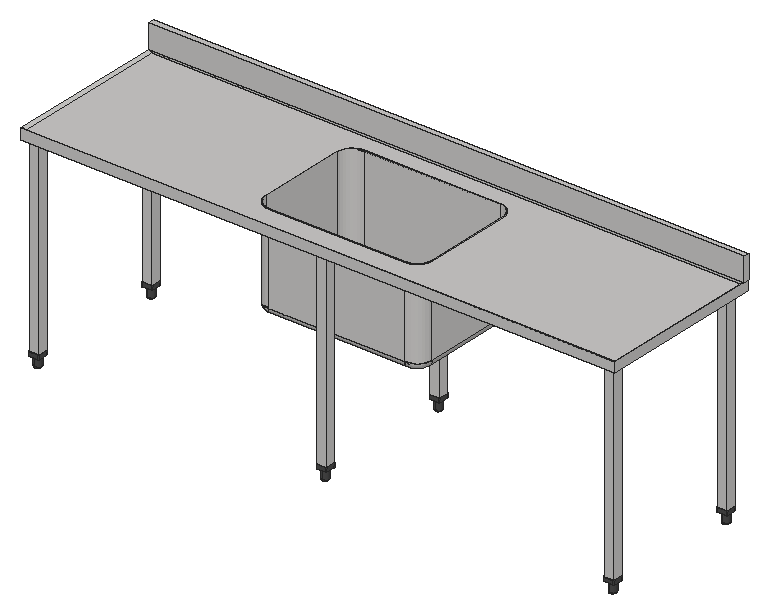
Revit family "QF_MACOM_MVT1GC_70xxxP", category Equipamento especial, Revit 2020
Family settings
  Cota do conector redondo = Utilizar diâmetro
  Tipo de parte = Normal
  Número OmniClass = 23.40.40.14
  Título OmniClass = Food Service Equipment
  Com base no plano de trabalho = Não
  Sempre na vertical = Sim
  Corte com vazios quando carregada = Não
  Compartilhado = Não
  Ponto de cálculo do ambiente = Não
Parameters (values of type "MVT1GC-70250P")
  Weight [instance] = 0.00 kg
  URL = "https://www.acosmacom.com.br/produtos/mesa-de-encosto-com-cuba/"
  Modelo = "MVT1GC-70250P"
  Valve Size = 3 1/2"
  Foot w/ + 2000 = not(Length Actual < 2001 mm)  # yes
  Fabricante = "MACOM"
  Elevação padrão = 0 mm
  Descrição = "MESA VINCADA INOX PREMIUM MACOM ESP.TRASEIRO + 1 CUBA CENTRAL 705040 - 2500X700X900mm"
  Type Comments = ""
  Masterspec [instance] = ""
  Length Actual = 2500 mm
  Identify Quantity as Lot [instance] = yes
  Height Actual [instance] = 900 mm
  Foodservice Equipment Identifier [instance] = yes
  Depth Actual [instance] = 700 mm
  CSI MasterFormat [instance] = ""
  Accessory [instance] = yes
Types (6, lengths in mm): name | Modelo | Foot w/ + 2000 | Descrição | Length Actual
  (no name) | "MVT1GC-70250P" | yes | "MESA VINCADA INOX PREMIUM MACOM ESP.TRASEIRO + 1 CUBA CENTRAL 705040 - 2500X700X900mm" | 2500
  MVT1GC-70250P | "MVT1GC-70250P" | yes | "MESA VINCADA INOX PREMIUM MACOM ESP.TRASEIRO + 1 CUBA CENTRAL 705040 - 2500X700X900mm" | 2500
  MVT1GC-70200P | "MVT1GC-70200P" | no | "MESA VINCADA INOX PREMIUM MACOM ESP.TRASEIRO + 1 CUBA CENTRAL 705040 - 2000X700X900mm" | 2000
  MVT1GC-70180P | "MVT1GC-70180P" | no | "MESA VINCADA INOX PREMIUM MACOM ESP.TRASEIRO + 1 CUBA CENTRAL 625030 - 1800X700X900mm\r\nMESA LISA INOX PREMIUM MACOM CENTRO 700X700X900mm\r\nMESA VINCADA INOX PREMIUM MACOM ESP.TRASEIRO + 1 CUBA CENTRAL 705040 - 1800x700X900mm" | 1800
  MVT1GC-70140P | "MVT1GC-70140P" | no | "MESA VINCADA INOX PREMIUM MACOM ESP.TRASEIRO + 1 CUBA CENTRAL 705040 - 1400X700X900mm" | 1400
  MVT1GC-7080P | "MVT1GC-7080P" | no | "MESA VINCADA INOX PREMIUM MACOM ESP.TRASEIRO + 1 CUBA CENTRAL 705040 - 800X700X900mm" | 800
Reference planes
  plane 1 "Centro (Frontal/Traseira)": y = 0
  plane 2: z = 0
  plane 3 "Centro (Esquerda/Direita)": x = 0
  plane 4: z = 60
  plane 5: x = -1250
  plane 6: x = 1250
  plane 7: y = 700
  plane 8: x = 0
  plane 9: z = 900
  plane 10: y = 350
  plane 11: x = 0
  plane 12: z = 892
Forms (mm)
  Extrusion 1, solid, material "QF_Stainless_Steel"
    sketch origin (-2790.51, -1503.5, 60) x (-1, 0, 0) y (0, -1, 0)
      loop
        line (-1562.01, -1524) -> (-1602.01, -1524) -> (-1602.01, -1564) -> (-1562.01, -1564) -> (-1562.01, -1524)
      loop
        line (-1562.01, -2159) -> (-1562.01, -2119) -> (-1602.01, -2119) -> (-1602.01, -2159) -> (-1562.01, -2159)
      loop
        line (-3979.01, -2159) -> (-3979.01, -2119) -> (-4019.01, -2119) -> (-4019.01, -2159) -> (-3979.01, -2159)
      loop
        line (-3979.01, -1564) -> (-3979.01, -1524) -> (-4019.01, -1524) -> (-4019.01, -1564) -> (-3979.01, -1564)
    from 0 to 797.2
  Extrusion 2, solid, material "QF_Stainless_Steel"
    sketch origin (1228.5, 1140.857, 117.847) x (0, -1, 0) y (0, 0, -1)
      loop
        line (440.857, -782.153) -> (1140.857, -782.153) -> (1140.857, -739.353) -> (440.857, -739.353) -> (440.857, -782.153)
    from 21.5 to -2478.5
  Extrusion 3, solid, material "QF_Stainless_Steel"
    sketch origin (1250, 1140.857, 117.847) x (0, -1, 0) y (0, 0, -1)
      loop
        line (440.857, -782.153) -> (440.857, -882.153) -> (465.857, -882.153) -> (465.857, -782.153) -> (440.857, -782.153)
    from 0 to -2500
  Extrusion 4, void
    sketch origin (1228.5, 700, 900) x (1, 0, 0) y (0, -1, 0)
      loop
        line (-941.7, 600) -> (-1515.3, 600)
        arc (-1515.3, 600) -> (-1559.989, 581.489) -> (-1578.5, 536.8) r 63.2
        line (-1578.5, 536.8) -> (-1578.5, 163.2)
        arc (-1578.5, 163.2) -> (-1559.989, 118.511) -> (-1515.3, 100) r 63.2
        line (-1515.3, 100) -> (-941.7, 100)
        arc (-941.7, 100) -> (-897.011, 118.511) -> (-878.5, 163.2) r 63.2
        line (-878.5, 163.2) -> (-878.5, 536.8)
        arc (-878.5, 536.8) -> (-897.011, 581.489) -> (-941.7, 600) r 63.2
    from 0 to 42.8
  Extrusion 5, solid, material "QF_Stainless_Steel", visible <- "Foot w/ + 2000"
    sketch origin (1228.5, 0, 857.2) x (1, 0, 0) y (0, -1, 0)
      loop
        line (-1208.5, -60.5) -> (-1208.5, -20.5) -> (-1248.5, -20.5) -> (-1248.5, -60.5) -> (-1208.5, -60.5)
      loop
        line (-1248.5, -655.5) -> (-1208.5, -655.5) -> (-1208.5, -615.5) -> (-1248.5, -615.5) -> (-1248.5, -655.5)
    from 0 to 797.2
  Blend 6, void
    base sketch origin (1228.5, 700, 900) x (0, -1, 0) y (1, 0, 0)
      loop
        line (25, -2478.5) -> (700, -2478.5) -> (700, 21.5) -> (25, 21.5) -> (25, -2478.5)
    top sketch origin (1228.5, 700, 900) x (0, -1, 0) y (1, 0, 0)
      loop
        line (25, -2464.5) -> (686, -2464.5) -> (686, 7.5) -> (25, 7.5) -> (25, -2464.5)
    from 0 to -8
Cuts and joins
  Extrusion 4, Blend 6 cuts Extrusion 2
Lines and regions (mm)
  symbolic lines
    curve 1: line (-1250, 700, 0) -> (1250, 700, 0)
    curve 2: line (1250, 700, 0) -> (1250, 0, 0)
    curve 3: line (1250, 0, 0) -> (-1250, 0, 0)
    curve 4: line (-1250, 0, 0) -> (-1250, 700, 0)
    curve 5: line (350, 536.8, 0) -> (350, 163.2, 0)
    curve 6: arc (350, 163.2, 0) -> (331.489, 118.511, 0) -> (286.8, 100, 0) r 63.2
    curve 7: line (286.8, 100, 0) -> (-286.8, 100, 0)
    curve 8: arc (-286.8, 100, 0) -> (-331.489, 118.511, 0) -> (-350, 163.2, 0) r 63.2
    curve 9: line (-350, 163.2, 0) -> (-350, 536.8, 0)
    curve 10: arc (-350, 536.8, 0) -> (-331.489, 581.489, 0) -> (-286.8, 600, 0) r 63.2
    curve 11: line (-286.8, 600, 0) -> (286.8, 600, 0)
    curve 12: arc (286.8, 600, 0) -> (331.489, 581.489, 0) -> (350, 536.8, 0) r 63.2
    curve 13: line (-1250, 0, 0) -> (-1236, 14, 0)
    curve 14: line (1250, 0, 0) -> (1236, 14, 0)
    curve 15: line (-1236, 14, 0) -> (1236, 14, 0)
    curve 16: line (-1236, 675, 0) -> (-1236, 14, 0)
    curve 17: line (1250, 675, 0) -> (-1250, 675, 0)
    curve 18: line (1236, 14, 0) -> (1236, 675, 0)
Dimensions and locks
  Extrusion 1 sketch curve to Extrusion 1 sketch curve = 2377 mm
  locked: Extrusion 2 to Extrusion 2 at 42.8
  locked: Extrusion 2 to Extrusion 1 at 84.5
  "Height Actual": Extrusion 2 to level
  "Length Actual": Extrusion 2 to plane 5
  locked: Extrusion 2 to Extrusion 1 at 61.5
  locked: Extrusion 1 sketch curve to plane 1 "Centro (Frontal/Traseira)" at 20.5
  locked: plane 1 "Centro (Frontal/Traseira)" to Extrusion 1 sketch curve at 20.5
  locked: plane 5 to Extrusion 1 sketch curve at 21.5  (x2)
  locked: Extrusion 1 sketch curve to plane 6 at 21.5  (x2)
  locked: Extrusion 1 sketch curve to plane 7 at 44.5  (x2)
  locked: Extrusion 1 sketch curve to Extrusion 1 sketch curve at 40  (x8)
  locked: Extrusion 1 to nested 1 at 20  (x2)
  locked: Extrusion 1 to nested 4 at 20  (x2)
  locked: nested 2 to Extrusion 1 at 20  (x2)
  locked: nested 4 to Extrusion 1 at 20
  locked: Extrusion 1 to nested 3 at 20  (x2)
  "Length Actual": plane 5 to plane 6
  "Depth Actual": plane 1 "Centro (Frontal/Traseira)" to plane 7
  equal spacing: plane 1 "Centro (Frontal/Traseira)", plane 10, plane 7
  equal spacing: plane 5, plane 8, plane 6
  Extrusion 5 sketch curve to plane 8 to Extrusion 5 sketch curve = 20 mm locked, 20 mm locked  (x2)
  cut or joined group of Extrusion 2, Extrusion 4, Blend 6 to Extrusion 5 sketch curve to Extrusion 5 sketch curve = 20.5 mm locked, 40 mm locked
  Extrusion 5 sketch curve to Extrusion 5 sketch curve to plane 7 = 40 mm locked, 44.5 mm locked
  locked: plane 5 to Blend 6 sketch curve at 14
  locked: Blend 6 sketch curve to plane 6 at 14
  locked: Blend 6 sketch curve to plane 1 "Centro (Frontal/Traseira)" at 14
  aligned and locked: level to plane 2
  aligned and locked: plane 5 to Extrusion 2
  aligned and locked: plane 7 to Extrusion 2
  aligned and locked: plane 6 to Extrusion 2
  aligned and locked: plane 1 "Centro (Frontal/Traseira)" to Extrusion 2 sketch curve
  aligned and locked: plane 7 to curve 1
  aligned and locked: Extrusion 3 sketch curve to Extrusion 2  (x2)
  aligned and locked: nested 5 to plane 8
  aligned and locked: plane 10 to nested 5
  aligned and locked: Extrusion 4 sketch curve to nested 5  (x2)
  aligned and locked: nested 5 to Extrusion 4 sketch curve  (x2)
  aligned and locked: curve 11 to nested 5
  aligned and locked: nested 5 to curve 5
  aligned and locked: nested 5 to curve 7
  aligned and locked: curve 9 to nested 5
  aligned and locked: plane 9 to cut or joined group of Extrusion 2, Extrusion 4, Blend 6
  aligned and locked: plane 3 "Centro (Esquerda/Direita)" to plane 8
  aligned and locked: Extrusion 3 to plane 5
  aligned and locked: Extrusion 3 to curve 1
  aligned and locked: plane 11 to nested 7
  aligned and locked: plane 11 to nested 6
  aligned and locked: plane 3 "Centro (Esquerda/Direita)" to plane 11
  aligned and locked: Blend 6 sketch curve to Extrusion 3  (x2)
  aligned and locked: Blend 6 sketch curve to cut or joined group of Extrusion 2, Extrusion 4, Blend 6
  aligned and locked: curve 2 to Blend 6 sketch curve
  aligned and locked: var sketch to Blend 6 sketch curve
  aligned and locked: plane 12 to nested 5
  aligned and locked: cut or joined group of Extrusion 2, Extrusion 4, Blend 6 to plane 12
  aligned and locked: curve 4 to cut or joined group of Extrusion 2, Extrusion 4, Blend 6
  aligned and locked: curve 15 to cut or joined group of Extrusion 2, Extrusion 4, Blend 6
  aligned and locked: curve 16 to cut or joined group of Extrusion 2, Extrusion 4, Blend 6
  aligned and locked: curve 17 to cut or joined group of Extrusion 2, Extrusion 4, Blend 6
  aligned and locked: curve 18 to cut or joined group of Extrusion 2, Extrusion 4, Blend 6
Automatic sketch dimensions
  Extrusion 3 sketch curve to Extrusion 2 = 25 mm
  Extrusion 2 to Extrusion 3 sketch curve = 100 mm
  Extrusion 4 sketch curve to Extrusion 4 sketch curve = 63.2 mm  (x4)
  Extrusion 2 sketch curve to plane 7 = 0 mm
  plane 9 to Extrusion 2 sketch curve = 0 mm
  plane 9 to Extrusion 2 sketch curve = 42.8 mm
  curve 1 to plane 5 = 0 mm
  plane 1 "Centro (Frontal/Traseira)" to curve 13 = 0 mm
  plane 5 to curve 16 = 14 mm
  curve 8 to curve 8 = 63.2 mm
  curve 9 to curve 10 = 63.2 mm
  curve 7 to curve 5 = 63.2 mm
  curve 11 to curve 5 = 63.2 mm
  curve 14 to plane 6 = 14 mm
  curve 15 to plane 1 "Centro (Frontal/Traseira)" = 14 mm
  curve 17 to curve 1 = 25 mm
Nested families
  nested 1: "PÉ DE MESA" at (-1208.5, 635.5, 0.6), type "PÉ DE MESA"
  nested 2: "PÉ DE MESA" at (-1208.5, 40.5, 0.6), type "PÉ DE MESA"
  nested 3: "PÉ DE MESA" at (1208.5, 40.5, 0.6), type "PÉ DE MESA"
  nested 4: "PÉ DE MESA" at (1208.5, 635.5, 0.6), type "PÉ DE MESA"
  nested 5: "CUBA_705040" at (0, 350, 517.153) x (-1, 0, 0) z (0, 0, 1), type "CUBA_504030"
  nested 6: "PÉ DE MESA" at (0, 635.5, 0.6), visible <- "Foot w/ + 2000", type "PÉ DE MESA"
  nested 7: "PÉ DE MESA" at (0, 40.5, 0.6), visible <- "Foot w/ + 2000", type "PÉ DE MESA"
Connectors
  piping at (0, 350, 492), diameter 88.9, driven by "Valve Size"
    settings: on nested 5, index 1, connector inside diameter 609.6 mm, connector length 0 mm, flow factor 0, pipe flow 0.0 L/s, pressure drop 0.0 Pa, fitting loss kfactor 0, connector angle 0.00°, fixture units 0, engagement length 0 mm, angle of deflection 0.00°, flow configuration 0, flow direction 2, fitting loss method 0, system type 7, joint type 0, gender type 0, connector reference index -1, connector utility 0, adjustable connector no, is connector primary yes, connector description ""
Definition of nested family "PÉ DE MESA"
  Parameters (values of type "PÉ DE MESA")
    Default Elevation = 0 mm
  Reference planes
    plane 1 "Centro (Frente/Trás)": y = 0
    plane 2: z = 0
    plane 3 "Centro (Esquerda/Direita)": x = 0
  Forms (mm)
    Revolve 1, solid
      sketch origin (0, 0, 0) x (0, 1, 0) y (0, 0, 1)
        loop
          line (0, -0.6) -> (0, 42.4) -> (-15.1, 42.4) -> (-15.1, 5.4)
          arc (-15.1, 5.4) -> (-13.343, 1.157) -> (-9.1, -0.6) r 6
          line (-9.1, -0.6) -> (0, -0.6)
        axis (0, 42.4) -> (0, -0.6)
      angle from 0 to 360
    Extrusion 2, solid
      sketch origin (0, 0, 42.4) x (-1, 0, 0) y (0, -1, 0)
        loop
          arc (-22, -19) -> (-21.121, -21.121) -> (-19, -22) r 3
          line (-19, -22) -> (19, -22)
          arc (19, -22) -> (21.121, -21.121) -> (22, -19) r 3
          line (22, -19) -> (22, 19)
          arc (22, 19) -> (21.121, 21.121) -> (19, 22) r 3
          line (19, 22) -> (-19, 22)
          arc (-19, 22) -> (-21.121, 21.121) -> (-22, 19) r 3
          line (-22, 19) -> (-22, -19)
      from 0 to 17
  Dimensions and locks
    locked: Revolve 1 sketch curve to Revolve 1 sketch curve at 43
    locked: Revolve 1 sketch curve to Revolve 1 sketch curve at 37
    locked: Revolve 1 sketch curve to Revolve 1 sketch curve at 15.1
    locked: Extrusion 2 sketch curve to Extrusion 2 sketch curve at 44  (x2)
    plane 3 "Centro (Esquerda/Direita)" to Extrusion 2 = 22 mm
    plane 3 "Centro (Esquerda/Direita)" to Extrusion 2 sketch curve = 22 mm
    plane 1 "Centro (Frente/Trás)" to Extrusion 2 sketch curve = 22 mm
    aligned and locked: level to plane 2
Definition of nested family "CUBA_705040"
  Parameters (values of type "CUBA_705040")
    Height = 400 mm  # constant formula
    Default Elevation = 0 mm
  Reference planes
    plane 1 "Center (Front/Back)": y = 0
    plane 2: z = 0
    plane 3 "Center (Left/Right)": x = 0
    plane 4: x = -350
    plane 5: x = 350
    plane 6: y = 250
    plane 7: y = -250
    plane 8: z = -25.153
    plane 9: z = 374.847
  Forms (mm)
    Sweep 1, solid
      path origin (0, 0, 0) x (1, 0, 0) y (0, 1, 0)
        loop
          line (350, -186.8) -> (350, 186.8)
          arc (350, 186.8) -> (331.489, 231.489) -> (286.8, 250) r 63.2
          line (286.8, 250) -> (-286.8, 250)
          arc (-286.8, 250) -> (-331.489, 231.489) -> (-350, 186.8) r 63.2
          line (-350, 186.8) -> (-350, -186.8)
          arc (-350, -186.8) -> (-331.489, -231.489) -> (-286.8, -250) r 63.2
          line (-286.8, -250) -> (286.8, -250)
          arc (286.8, -250) -> (331.489, -231.489) -> (350, -186.8) r 63.2
      profile origin (350, 0, 0) x (-1, 0, 0) y (0, 0, 1)
        loop
          line (0, 0) -> (0, -1.284)
          arc (0, -1.284) -> (4.865, -16.102) -> (17.565, -25.153) r 25
          line (17.565, -25.153) -> (17.565, -23.577)
          arc (17.565, -23.577) -> (5.935, -15.023) -> (1.5, -1.284) r 23.5
          line (1.5, -1.284) -> (1.5, 0) -> (0, 0)
    Extrusion 2, solid
      sketch origin (0, 0, 0) x (1, 0, 0) y (0, 1, 0)
        loop
          line (-350, 186.8) -> (-350, -186.8)
          arc (-350, -186.8) -> (-331.489, -231.489) -> (-286.8, -250) r 63.2
          line (-286.8, -250) -> (286.8, -250)
          arc (286.8, -250) -> (331.489, -231.489) -> (350, -186.8) r 63.2
          line (350, -186.8) -> (350, 186.8)
          arc (350, 186.8) -> (331.489, 231.489) -> (286.8, 250) r 63.2
          line (286.8, 250) -> (-286.8, 250)
          arc (-286.8, 250) -> (-331.489, 231.489) -> (-350, 186.8) r 63.2
        loop
          arc (286.8, -248.5) -> (330.428, -230.428) -> (348.5, -186.8) r 61.7
          line (348.5, -186.8) -> (348.5, 186.8)
          arc (348.5, 186.8) -> (330.428, 230.428) -> (286.8, 248.5) r 61.7
          line (286.8, 248.5) -> (-286.8, 248.5)
          arc (-286.8, 248.5) -> (-330.428, 230.428) -> (-348.5, 186.8) r 61.7
          line (-348.5, 186.8) -> (-348.5, -186.8)
          arc (-348.5, -186.8) -> (-330.428, -230.428) -> (-286.8, -248.5) r 61.7
          line (-286.8, -248.5) -> (286.8, -248.5)
      from 0 to 374.847
    Extrusion 3, solid
      sketch origin (0, 0, 0) x (1, 0, 0) y (0, 1, 0)
        loop
          arc (-332.435, -186.8) -> (-319.069, -219.069) -> (-286.8, -232.435) r 45.635
          line (-286.8, -232.435) -> (286.8, -232.435)
          arc (286.8, -232.435) -> (319.069, -219.069) -> (332.435, -186.8) r 45.635
          line (332.435, -186.8) -> (332.435, 186.8)
          arc (332.435, 186.8) -> (319.069, 219.069) -> (286.8, 232.435) r 45.635
          line (286.8, 232.435) -> (-286.8, 232.435)
          arc (-286.8, 232.435) -> (-319.069, 219.069) -> (-332.435, 186.8) r 45.635
          line (-332.435, 186.8) -> (-332.435, -186.8)
        loop
          circle (0, 0) r 44.45
      from -25.153 to -23.577
  Cuts and joins
    joined: Sweep 1, Extrusion 2, Extrusion 3
  Dimensions and locks
    Sweep 1 sketch curve to profile plane = 1.5 mm
    locked: level to plane 8 at 25.153
    locked: plane 1 "Center (Front/Back)" to Extrusion 3 sketch curve
    locked: plane 3 "Center (Left/Right)" to Extrusion 3 sketch curve
    plane 4 to plane 3 "Center (Left/Right)" to plane 5 = 350 mm, 350 mm
    plane 4 to plane 5 = 700 mm
    plane 7 to plane 6 = 500 mm
    plane 7 to plane 1 "Center (Front/Back)" to plane 6 = 250 mm, 250 mm
    "Height": plane 9 to plane 8
    aligned and locked: level to plane 2
    aligned and locked: plane 4 to cut or joined group of Sweep 1, Extrusion 2, Extrusion 3
    aligned and locked: plane 5 to cut or joined group of Sweep 1, Extrusion 2, Extrusion 3
    aligned and locked: Extrusion 2 sketch curve to plane 4
    aligned and locked: cut or joined group of Sweep 1, Extrusion 2, Extrusion 3 to plane 7
    aligned and locked: plane 6 to cut or joined group of Sweep 1, Extrusion 2, Extrusion 3
    aligned and locked: Extrusion 2 sketch curve to plane 6
    aligned and locked: Extrusion 2 sketch curve to plane 7
    aligned and locked: plane 5 to Extrusion 2 sketch curve
    aligned and locked: profile plane to Sweep 1 sketch curve
    aligned and locked: Sweep 1 sketch curve to plane 7
    aligned and locked: plane 5 to Sweep 1 sketch curve
    aligned and locked: plane 4 to Sweep 1 sketch curve
    aligned and locked: plane 6 to Sweep 1 sketch curve
    aligned and locked: Extrusion 3 to Sweep 1  (x2)
    aligned and locked: plane 8 to cut or joined group of Sweep 1, Extrusion 2, Extrusion 3
    aligned and locked: plane 9 to cut or joined group of Sweep 1, Extrusion 2, Extrusion 3
    aligned and locked: Extrusion 2 to Sweep 1  (x2)
  Automatic sketch dimensions
    plane 4 to Sweep 1 sketch curve = 63.2 mm  (x2)
    Sweep 1 sketch curve to plane 5 = 63.2 mm  (x2)
    Sweep 1 sketch curve to Sweep 1 sketch curve = 0 mm  (x2)
    Sweep 1 sketch curve to level = 0 mm
    Sweep 1 sketch curve to profile plane = 17.565 mm
    Sweep 1 sketch curve to level = 1.284 mm
    Sweep 1 sketch curve to Sweep 1 sketch curve = 7.435 mm
    Extrusion 2 sketch curve to Extrusion 2 sketch curve = 0 mm  (x7)
    Extrusion 2 sketch curve to Extrusion 2 sketch curve = 1.5 mm
    Extrusion 2 sketch curve to Extrusion 2 sketch curve = 61.7 mm  (x3)
    Extrusion 2 sketch curve to plane 5 = 63.2 mm
    plane 4 to Extrusion 3 sketch curve = 63.2 mm  (x2)
    plane 4 to Extrusion 3 sketch curve = 17.565 mm
    plane 6 to Extrusion 3 sketch curve = 17.565 mm
    Extrusion 3 sketch curve to plane 5 = 63.2 mm  (x2)
    Extrusion 3 sketch curve to plane 5 = 17.565 mm
    Extrusion 3 sketch curve to plane 7 = 63.2 mm
    radius of Extrusion 3 sketch curve = 44.45 mm
